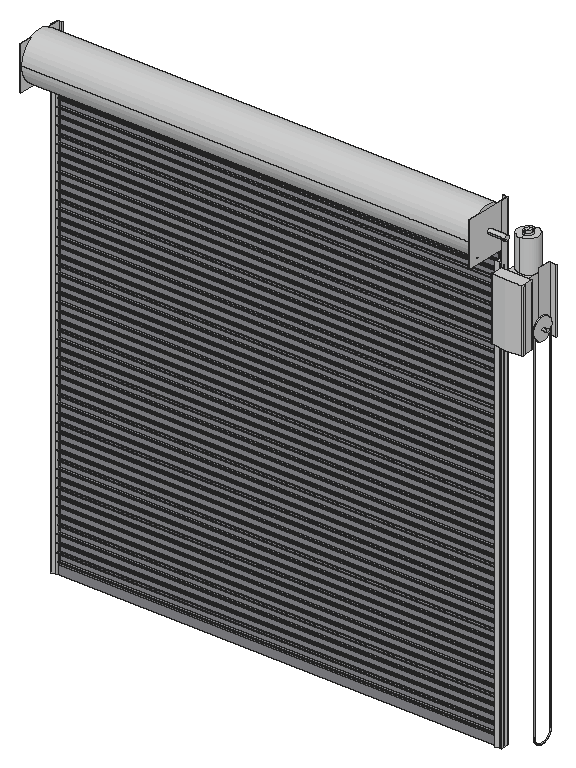
Revit family "Rolling-Steel-Service-Doors_OHD_Model-600_compact", category Specialty Equipment, host Wall, Revit 2023
Family settings
  Host = Wall
  Round Connector Dimension = Use Diameter
  Part Type = Normal
  OmniClass Number = 23.30.10.21.34
  OmniClass Title = Industrial Doors
  Enable Cutting in Views = No
  Always vertical = Yes
  Cut with Voids When Loaded = Yes
  Maintain Annotation Orientation = No
  Shared = No
  Room Calculation Point = No
Parameters (values of type "115 volts, one phase, 60 Hz (110-120V range)")
  Width [instance] = Opening Width + 1/2"  # 120 1/2"
  Voltage = 115 V
  Version = "1.00.01"  # constant formula
  True Opening Width [instance] = Clear Width  # 120"
  True Opening Height [instance] = Clear Height  # 120"
  Slat Material [instance] = Steel - Overhead Door - Gray
  Opening Width [instance] = 120"
  Opening Height [instance] = 120"
  No Hood [instance] = not(Optional Hood)  # yes
  Slat Length [instance] = [Door Width (Real)] + 1/4" * 2 + 3/16" * 2  # 121 3/8"
  Slat Height = 2 1/4"  # constant formula
  Product Page URL = "https://www.overheaddoor.com/rolling-steel-service-doors-600"
  Power Factor = 1
  Powder Coat (Note) = "PowderGuard® Premium powder coat finish options are available in approximately 200 colors as well as custom matching to specification. PowderGuard® Textured finish, a thicker, more scratch resistant coat, is available in 11 colors providing enhanced scratch resistance as well as aiding in hiding the dirt and blemishes that often occur in commercial environments.​"  # constant formula
  Optional Hood [instance] = if(Hood Option > 1, 1 = 1, 1 = 2)  # no
  Opening Width (Real) [instance] = [Door Width (Real)] - 1/2"  # 120"
  Opening Height (Real) [instance] = [Door Height (Real)] - 3"  # 120"
  Number of Poles = 1
  Motor Type [instance] = if([Motor Option (Real)] < 2, "CDX Electric Operator", if([Motor Option (Real)] = 2, "RHX Wall Mount", if([Motor Option (Real)] = 3, "RSX Wall Mount", "RMX Wall Mount")))  # "RHX Wall Mount"
  Motor Option (Real) [instance] = if(Hood Option < 2, if(Motor Option < 2, 2, if(Motor Option = 2, 3, if(Motor Option = 3, 4, 4))), Motor Option)  # 2
  Motor Option [instance] = 1
  Hood Type [instance] = if(Hood Option < 2, "No Hood", "With Hood")  # "No Hood"
  Hood Option [instance] = 1
  Hood Material = Steel - Overhead Door - Gray
  Hood Height [instance] = Headroom Height - 3"  # 12"
  Height [instance] = Opening Height + 3"  # 123"
  Headroom Height [instance] = if(Optional Hood, 18", if(or([Opening Height (Real)] < 132", [Opening Height (Real)] = 132"), 15", if(or([Opening Height (Real)] = 192", [Opening Height (Real)] < 192"), 18", 18")))  # 15"
  Guide Type [instance] = if(or(Guide Option < 1, Guide Option = 1), "Rolled E Guide", "Rolled Z Guide")  # "Rolled E Guide"
  Guide Option [instance] = 1
  Guid Depth [instance] = 2 1/2"  # constant formula
  Frequency = 60 Hz
  Face of Wall Offset [instance] = 2 1/2"  # constant formula
  EO and Chain Hoist = yes
  Door Width (Real) [instance] = if(Width > Max Door Width, Max Door Width, if(Width < Min Door Width, Min Door Width, Width))  # 120 1/2"
  Door Height (Real) [instance] = if(Height > Max Door Height, Max Door Height, if(Height < Min Door Height, Min Door Height, Height))  # 123"
  URL = "https://www.overheaddoor.com/"
  Product data url = "https://www.bimobject.com/overhead-door/product/rolling-steel-service-doors-600"
  Product Guid = "6300f0ea-1663-4e86-aab6-accd1bc8ccd1"
  Model = "600"  # constant formula
  Min Door Width [instance] = 40"  # constant formula
  Min Door Height [instance] = 36"  # constant formula
  Max Door Width [instance] = 192"  # constant formula
  Max Door Height [instance] = 192"  # constant formula
  Manufacturer = "Overhead Door Corporation"  # constant formula
  Wall Closure = By host
  Floor To (CL) of Shaft [instance] = if(Optional Hood, [Opening Height (Real)] + (Headroom Height - 3") / 2 + 3", [Opening Height (Real)] + (Headroom Height - 3") / 2 + 3 1/2")  # 129 1/2"
  Finish Material = Metal - Overhead Door - Galvanized Steel
  Description = "Coil-Away light duty rolling steel service door."  # constant formula
  Electric Operator = yes
  Default Elevation = 0"
  Date Updated = "2026/05/29"  # constant formula
  Current = 20 A
  Connector Description = "Rapidflex Large Control Panel"  # constant formula
  Connector Array Distance = 0"  # constant formula
  Connector Array = if(Electric Operator, 3, 2)  # 3
  Clear Width [instance] = [Door Width (Real)] - 1/2"  # 120"
  Clear Height [instance] = [Door Height (Real)] - 3"  # 120"
  BimObject_Variable_Connectors = "No"  # constant formula
  Backroom Depth Real [instance] = if(Optional Hood, 15", if(or([Opening Height (Real)] < 132", [Opening Height (Real)] = 132"), 13", if(or([Opening Height (Real)] = 192", [Opening Height (Real)] < 192"), 15", 15")))  # 13"
  Backroom Depth [instance] = if(and(Hood Option > 1, [Motor Option (Real)] < 2), Backroom Depth Real + 13 1/2", Backroom Depth Real)  # 13"
  Array Length [instance] = (Array) * Slat Height + 2 3/4" + 3" - 1/2"  # 126 3/4"
  Array [instance] = rounddown([Door Height (Real)] / Slat Height)  # 54
  Area [instance] = [Door Width (Real)] * [Door Height (Real)]  # 102.927 SF
  Apparent Load Phase 1 = if(Number of Poles = 1, Voltage * Current, (Voltage * Current * sqrt(3)) / 3)  # 2300 VA
Types (5): name | Voltage | Frequency | EO and Chain Hoist | Electric Operator | Current | Connector Array | Apparent Load Phase 1
  115 volts, one phase, 60 Hz (110-120V range) | 115 V | 60 Hz | yes | yes | 20 A | 3 | 2300 VA
  208 volts, one phase, 60 Hz (190-207V range) | 208 V | 60 Hz | yes | yes | 20 A | 3 | 4160 VA
  230 volts, one phase, 60 Hz (208-245V range) | 230 V | 60 Hz | yes | yes | 20 A | 3 | 4600 VA
  Chain Hoist | 0 V | 0 Hz | yes | no | 0 A | 2 | 0 VA
  Manual push-up | 0 V | 0 Hz | no | no | 0 A | 2 | 0 VA
Reference planes (in)
  plane 1 "Center (Front/Back)": y = 0
  plane 2 "Center (Left/Right)": x = 0
  plane 3 "Left": x = -60.25
  plane 4 "Right": x = 60.25
  plane 5 "Exterior": y = 1.5
  plane 6 "Interior": y = -4.5
  plane 7: x = 60
  plane 8: x = -60
  plane 9: z = 120
  plane 10: z = 135
  plane 11 "Main": y = -6.59375
  plane 12: y = -17.5
  plane 13 "Main Door Block": y = -4.5
  plane 14 "Bottom Bar": z = 2.75
  plane 15: y = -7
  plane 16: x = -58.62332
  plane 17: x = -58.62332
  plane 18: x = 58.62332
  plane 19: z = 126.75
  plane 20: z = 129.5
  plane 21: x = 61.9375
Forms (in)
  Extrusion 1, void
    sketch origin (0, -4.5, 0) x (0, 0, -1) y (-1, 0, 0)
      loop
        line (-120, 60) -> (-120, -60) -> (0, -60) -> (0, 60) -> (-120, 60)
    from 0 to 6
Text (in)
  text "Exterior" at (-74.96733, 27.31104, 0), in view "Ref. Level"
  text "Interior" at (-74.96733, -25.14366, 0), in view "Ref. Level"
  text "Exterior" at (0, 40.15149, 123.01588), in view "Right"
  text "Interior" at (0, -64.39139, 123.01588), in view "Right"
  text "Interior" at (0, -31.01599, 123.00693), in view "Left"
  text "Exterior" at (0, 54.57065, 123.00693), in view "Left"
Dimensions and locks (in)
  equal spacing: plane 3 "Left", plane 2 "Center (Left/Right)", plane 4 "Right"
  "Door Width (Real)": plane 3 "Left" to plane 4 "Right"
  level to host wall = 459.59655"
  "Opening Height (Real)": level to plane 9
  plane 8 to plane 2 "Center (Left/Right)" to plane 7 = 60", 60"
  plane 7 to plane 8 = 120"
  locked: plane 1 "Center (Front/Back)" to plane 6 "Interior" at 4.5
  locked: plane 5 "Exterior" to plane 1 "Center (Front/Back)" at 1.5
  equal spacing: plane 7, plane 2 "Center (Left/Right)", plane 8
  locked: plane 14 "Bottom Bar" to level at 2.75
  "Opening Width (Real)": plane 7 to plane 8
  equal spacing: group 1, group 3, group 4, group 5, group 6, group 7, group 8, group 9, group 10, group 11, group 12, group 13, group 14, group 15, group 16, group 17, group 18, group 19, group 20, group 21, group 22, group 23, group 24, group 25, group 26, group 27, group 28, group 29, group 30, group 31, group 32, group 33, group 34, group 35, group 36, group 37, group 38, group 39, group 40, group 41, group 42, group 43, group 44, group 45, group 46, group 47, group 48, group 49, group 50, group 51, group 52, group 53, group 54, group 2  (x3)
  "Face of Wall Offset": plane 15 to plane 6 "Interior"
  "Guid Depth": plane 15 to plane 13 "Main Door Block"
  locked: plane 15 to plane 11 "Main" at 0.40625
  locked: plane 17 to plane 8 at 1.37668
  locked: plane 17 to plane 16
  locked: plane 7 to plane 18 at 1.37668
  "Array Length": plane 19 to level
  "Headroom Height": plane 10 to plane 9
  "Floor To (CL) of Shaft": plane 20 to level
  "Backroom Depth": plane 12 to plane 6 "Interior"
  locked: plane 7 to plane 21 at 1.9375
  aligned and locked: plane 5 "Exterior" to host wall
  aligned and locked: host wall to plane 6 "Interior"
  aligned and locked: plane 2 "Center (Left/Right)" to nested 1
  aligned and locked: plane 14 "Bottom Bar" to nested 1  (x2)
  aligned and locked: nested 1 to plane 11 "Main"
  aligned and locked: nested 2 to plane 11 "Main"
  aligned and locked: plane 2 "Center (Left/Right)" to nested 2
  aligned and locked: Extrusion 1 sketch curve to plane 7
  aligned and locked: level to Extrusion 1 sketch curve
  aligned and locked: plane 9 to Extrusion 1 sketch curve
  aligned and locked: Extrusion 1 to plane 5 "Exterior"
  aligned and locked: plane 6 "Interior" to Extrusion 1
  aligned and locked: plane 2 "Center (Left/Right)" to nested 42
  aligned and locked: plane 13 "Main Door Block" to nested 42
  aligned and locked: nested 42 to level
  aligned and locked: plane 19 to nested 2
  aligned and locked: nested 56 to plane 13 "Main Door Block"
  aligned and locked: plane 10 to nested 56
  aligned and locked: plane 21 to nested 56
Automatic sketch dimensions
  Extrusion 1 sketch curve to plane 8 = 0"
Nested families (in)
  nested 1: "Slat" at (0, -6.59375, 2.75), type "Slat"
    with Opening Width 121 3/8"
  nested 2: "Slat" at (0, -6.59375, 124.125), type "Slat"
    with Opening Width 121 3/8"
  nested 3: "Slat" at (0, -6.59375, 5.04009), type "Slat"
    with Opening Width 121 3/8"
  nested 4: "Slat" at (0, -6.59375, 7.33019), type "Slat"
    with Opening Width 121 3/8"
  nested 5: "Slat" at (0, -6.59375, 9.62028), type "Slat"
    with Opening Width 121 3/8"
  nested 6: "Slat" at (0, -6.59375, 11.91038), type "Slat"
    with Opening Width 121 3/8"
  nested 7: "Slat" at (0, -6.59375, 14.20047), type "Slat"
    with Opening Width 121 3/8"
  nested 8: "Slat" at (0, -6.59375, 16.49057), type "Slat"
    with Opening Width 121 3/8"
  nested 9: "Slat" at (0, -6.59375, 18.78066), type "Slat"
    with Opening Width 121 3/8"
  nested 10: "Slat" at (0, -6.59375, 21.07075), type "Slat"
    with Opening Width 121 3/8"
  nested 11: "Slat" at (0, -6.59375, 23.36085), type "Slat"
    with Opening Width 121 3/8"
  nested 12: "Slat" at (0, -6.59375, 25.65094), type "Slat"
    with Opening Width 121 3/8"
  nested 13: "Slat" at (0, -6.59375, 27.94104), type "Slat"
    with Opening Width 121 3/8"
  nested 14: "Slat" at (0, -6.59375, 30.23113), type "Slat"
    with Opening Width 121 3/8"
  nested 15: "Slat" at (0, -6.59375, 32.52123), type "Slat"
    with Opening Width 121 3/8"
  nested 16: "Slat" at (0, -6.59375, 34.81132), type "Slat"
    with Opening Width 121 3/8"
  nested 17: "Slat" at (0, -6.59375, 37.10142), type "Slat"
    with Opening Width 121 3/8"
  nested 18: "Slat" at (0, -6.59375, 39.39151), type "Slat"
    with Opening Width 121 3/8"
  nested 19: "Slat" at (0, -6.59375, 41.6816), type "Slat"
    with Opening Width 121 3/8"
  nested 20: "Slat" at (0, -6.59375, 43.9717), type "Slat"
    with Opening Width 121 3/8"
  nested 21: "Slat" at (0, -6.59375, 46.26179), type "Slat"
    with Opening Width 121 3/8"
  nested 22: "Slat" at (0, -6.59375, 48.55189), type "Slat"
    with Opening Width 121 3/8"
  nested 23: "Slat" at (0, -6.59375, 50.84198), type "Slat"
    with Opening Width 121 3/8"
  nested 24: "Slat" at (0, -6.59375, 53.13208), type "Slat"
    with Opening Width 121 3/8"
  nested 25: "Slat" at (0, -6.59375, 55.42217), type "Slat"
    with Opening Width 121 3/8"
  nested 26: "Slat" at (0, -6.59375, 57.71226), type "Slat"
    with Opening Width 121 3/8"
  nested 27: "Slat" at (0, -6.59375, 60.00236), type "Slat"
    with Opening Width 121 3/8"
  nested 28: "Slat" at (0, -6.59375, 62.29245), type "Slat"
    with Opening Width 121 3/8"
  nested 29: "Slat" at (0, -6.59375, 64.58255), type "Slat"
    with Opening Width 121 3/8"
  nested 30: "Slat" at (0, -6.59375, 66.87264), type "Slat"
    with Opening Width 121 3/8"
  nested 31: "Slat" at (0, -6.59375, 69.16274), type "Slat"
    with Opening Width 121 3/8"
  nested 32: "Slat" at (0, -6.59375, 71.45283), type "Slat"
    with Opening Width 121 3/8"
  nested 33: "Slat" at (0, -6.59375, 73.74292), type "Slat"
    with Opening Width 121 3/8"
  nested 34: "Slat" at (0, -6.59375, 76.03302), type "Slat"
    with Opening Width 121 3/8"
  nested 35: "Slat" at (0, -6.59375, 78.32311), type "Slat"
    with Opening Width 121 3/8"
  nested 36: "Slat" at (0, -6.59375, 80.61321), type "Slat"
    with Opening Width 121 3/8"
  nested 37: "Slat" at (0, -6.59375, 82.9033), type "Slat"
    with Opening Width 121 3/8"
  nested 38: "Slat" at (0, -6.59375, 85.1934), type "Slat"
    with Opening Width 121 3/8"
  nested 39: "Slat" at (0, -6.59375, 87.48349), type "Slat"
    with Opening Width 121 3/8"
  nested 40: "Slat" at (0, -6.59375, 89.77358), type "Slat"
    with Opening Width 121 3/8"
  nested 41: "Slat" at (0, -6.59375, 92.06368), type "Slat"
    with Opening Width 121 3/8"
  nested 42: "Lifts" at (0, -4.5, 0) x (-1, 0, 0) z (0, 0, 1), type "Frame Unit"
    with Floor To (CL) of Shaft 129 1/2"
  nested 43: "Slat" at (0, -6.59375, 94.35377), type "Slat"
    with Opening Width 121 3/8"
  nested 44: "Slat" at (0, -6.59375, 96.64387), type "Slat"
    with Opening Width 121 3/8"
  nested 45: "Slat" at (0, -6.59375, 98.93396), type "Slat"
    with Opening Width 121 3/8"
  nested 46: "Slat" at (0, -6.59375, 101.22406), type "Slat"
    with Opening Width 121 3/8"
  nested 47: "Slat" at (0, -6.59375, 103.51415), type "Slat"
    with Opening Width 121 3/8"
  nested 48: "Slat" at (0, -6.59375, 105.80425), type "Slat"
    with Opening Width 121 3/8"
  nested 49: "Slat" at (0, -6.59375, 108.09434), type "Slat"
    with Opening Width 121 3/8"
  nested 50: "Slat" at (0, -6.59375, 110.38443), type "Slat"
    with Opening Width 121 3/8"
  nested 51: "Slat" at (0, -6.59375, 112.67453), type "Slat"
    with Opening Width 121 3/8"
  nested 52: "Slat" at (0, -6.59375, 114.96462), type "Slat"
    with Opening Width 121 3/8"
  nested 53: "Slat" at (0, -6.59375, 117.25472), type "Slat"
    with Opening Width 121 3/8"
  nested 54: "Slat" at (0, -6.59375, 119.54481), type "Slat"
    with Opening Width 121 3/8"
  nested 55: "Slat" at (0, -6.59375, 121.83491), type "Slat"
    with Opening Width 121 3/8"
  nested 56: "Motors 600" at (70.3675, -9.58, 102.97), Motor Option <- "Motor Option (Real)", EO <- "Electric Operator", Optional Hood <- "Optional Hood", visible <- "EO and Chain Hoist", type "Trolley Motor"
    with Wall Mount RSX no, Wall Mount RMX no, Wall Mount RHX yes, Vertical Mount 32.03", Top Option Offset 0", Real Exterior Wall Offset 0", Optional Hood no, Motor Type "RHX Operator", Motor Option 2, Horizontal Mount 5.08", Hood Width Real 0", Hood Mount 13.43", Exterior Wall Offset 0", Elavation 0", EO yes, Displacement 0", Countertop Height 0", Connector Position 10.57", Connector Offset 0", Connector Length 2.99", Connector Angle 90.00°, Chain V Offset 6.53", Chain Hoist Real yes, Chain Hoist no, Chain H Offset 0", Chain yes, CL Shaft to Countertop 109 1/2", CDX Operator no, CDX Offset 1.19497", BJ yes, Angle 180.00°
Connectors (in)
  electrical at (73.3575, -9.58, 113.54), driven by "Number of Poles", driven by "Apparent Load Phase 1", driven by "Power Factor", driven by "Voltage"
    settings: on nested 56, index 1, voltage 115 V, apparent load 0 VA, apparent load phase1 2300 VA, apparent load phase2 0 VA, apparent load phase3 0 VA, power factor 1, load classification "Other", number of poles 1, system type 31, power factor state 1, is connector primary yes, connector utility no, sub classification motor no, connector description "Electrical Connector"
Definition of nested family "Slat"
  Parameters (values of type "Slat")
    Opening Width = 114 7/8"
    Interior Panel Material = none
    Exterior Panel Material = none
    Default Elevation = 48"
  Reference planes (in)
    plane 1 "Center (Front/Back)": y = 0
    plane 2: z = 0
    plane 3 "Center (Left/Right)": x = 0
    plane 4: z = 2.625
    plane 5: x = -57.4375
    plane 6: x = 57.4375
    plane 7: y = 0.5625
    plane 8: y = 0
    plane 9: z = 0
  Forms (in)
    Extrusion 1, solid, material <- "Exterior Panel Material"
      sketch origin (0, 0, 0) x (0, 1, 0) y (0, 0, 1)
        loop
          arc (0.15607, 2.41178) -> (0.25948, 2.52951) -> (0.13525, 2.625) r 0.10735
          arc (0.13525, 2.625) -> (0.00315, 2.49746) -> (0.07586, 2.32885) r 0.16141
          line (0.07586, 2.32885) -> (0.29883, 2.18949)
          arc (0.29883, 2.18949) -> (0.45088, 2.02925) -> (0.50618, 1.81538) r 0.44117
          line (0.50618, 1.81538) -> (0.50618, 0.48257)
          arc (0.50618, 0.48257) -> (0.42803, 0.29214) -> (0.30529, 0.12689) r 0.82752
          arc (0.30529, 0.12689) -> (0.24212, 0.10735) -> (0.20045, 0.1587) r 0.05902
          arc (0.20045, 0.1587) -> (0.0643, 0.24368) -> (0.02041, 0.0893) r 0.10042
          arc (0.02041, 0.0893) -> (0.09088, 0.02385) -> (0.18406, 0) r 0.19519
          arc (0.18406, 0) -> (0.27731, 0.02355) -> (0.348, 0.08877) r 0.19519
          arc (0.348, 0.08877) -> (0.47937, 0.26821) -> (0.5625, 0.47449) r 0.89597
          line (0.5625, 0.47449) -> (0.5625, 1.81538)
          arc (0.5625, 1.81538) -> (0.50014, 2.05655) -> (0.32868, 2.23725) r 0.49749
          line (0.32868, 2.23725) -> (0.14758, 2.35044)
          arc (0.14758, 2.35044) -> (0.13195, 2.38386) -> (0.15607, 2.41178) r 0.03393
      from -57.4375 to 57.4375
  Dimensions and locks (in)
    locked: plane 4 to plane 2 at 2.625
    equal spacing: plane 5, plane 3 "Center (Left/Right)", plane 6
    "Opening Width": plane 5 to plane 6
    locked: plane 1 "Center (Front/Back)" to plane 7 at 0.5625
    aligned and locked: plane 2 to level
    aligned and locked: plane 5 to Extrusion 1
    aligned and locked: plane 6 to Extrusion 1
    aligned and locked: plane 1 "Center (Front/Back)" to plane 8
    aligned and locked: level to plane 9
  Automatic sketch dimensions
    Extrusion 1 sketch curve to Extrusion 1 sketch curve = 0"  (x5)
    Extrusion 1 sketch curve to plane 4 = 0"  (x2)
    Extrusion 1 sketch curve to plane 7 = 0"
    plane 7 to Extrusion 1 sketch curve = 0.05632"
    plane 7 to Extrusion 1 sketch curve = 0.23382"
    Extrusion 1 sketch curve to Extrusion 1 sketch curve = 0.02985"
    Extrusion 1 sketch curve to plane 1 "Center (Front/Back)" = 0.25925"
    Extrusion 1 sketch curve to Extrusion 1 sketch curve = 0.07488"
    Extrusion 1 sketch curve to plane 1 "Center (Front/Back)" = 0.16556"
    Extrusion 1 sketch curve to Extrusion 1 sketch curve = 0.00415"
    Extrusion 1 sketch curve to Extrusion 1 sketch curve = 0.00876"
    Extrusion 1 sketch curve to Extrusion 1 sketch curve = 0.01798"
    Extrusion 1 sketch curve to Extrusion 1 sketch curve = 0.08396"
    Extrusion 1 sketch curve to Extrusion 1 sketch curve = 0.07171"
    Extrusion 1 sketch curve to plane 1 "Center (Front/Back)" = 0.06501"
    plane 1 "Center (Front/Back)" to Extrusion 1 sketch curve = 0.29251"
    Extrusion 1 sketch curve to Extrusion 1 sketch curve = 0.01115"
    level to Extrusion 1 sketch curve = 0.14998"
    Extrusion 1 sketch curve to Extrusion 1 sketch curve = 0.01385"
    Extrusion 1 sketch curve to Extrusion 1 sketch curve = 0.03136"
    Extrusion 1 sketch curve to Extrusion 1 sketch curve = 0.31066"
    Extrusion 1 sketch curve to Extrusion 1 sketch curve = 0.00809"
    Extrusion 1 sketch curve to Extrusion 1 sketch curve = 0.00455"
    Extrusion 1 sketch curve to plane 4 = 0.80962"
    Extrusion 1 sketch curve to Extrusion 1 sketch curve = 0.13935"
    Extrusion 1 sketch curve to Extrusion 1 sketch curve = 0.02159"
    Extrusion 1 sketch curve to Extrusion 1 sketch curve = 0.08651"
    level to Extrusion 1 sketch curve = 0.08877"
    Extrusion 1 sketch curve to Extrusion 1 sketch curve = 0.04271"
    Extrusion 1 sketch curve to level = 0"
    Extrusion 1 sketch curve to Extrusion 1 sketch curve = 0.54913"
Definition of nested family "Lifts"
  Parameters (values of type "Frame Unit")
    Z Offset = 0" + Guide Offset  # 1/4"
    Z Guide = if(Guide Option > 1, 1 = 1, 1 = 2)  # no
    Void Width = 1"  # constant formula
    Void Offset = 0"  # constant formula
    True Opening Width = Opening Width - Guid Width * 2  # 115.874"
    Standard Hood = not(Optional Hood)  # yes
    Shaft Offset = if(Standard Hood, Header Width / 2 - 1/8", Radius Hood)  # 6 3/8"
    Shaft Material = none
    Shaft Length 2 = if(Optional Hood, 7", 5")  # 5"
    Shaft Length 1 = if(Optional Hood, 10", 7")  # 7"
    Radius Hood = (Hood Height) / 2  # 6"
    Optional Hood = no
    Opening Width = 120"
    Manual = if(not(Electric Operator), if(or(Area < 120" * 120", Area = 120" * 120"), 1 = 1, 1 = 2), 1 = 2)  # no
    Interior Panel Material = none
    Hood Material = none
    Hood Height = Headroom Height - 3"  # 12"
    Headroom Height = 15"
    Header Width = 13"
    Guide Position = if(Guide Option < 2, 1 3/8", 1 5/8")  # 1 3/8"
    Guide Offset = 1/4"  # constant formula
    Guid Width = if(Guide Option < 2, 2.063", 3 3/4")  # 2.063"
    Opening Height = 120"
    Guide Type = if(or(Guide Option < 1, Guide Option = 1), "Rolled E Guide", "Rolled Z Guide")  # "Rolled E Guide"
    Guide Option = 1
    Guid Displacement = 1.688"  # constant formula
    Floor To (CL) of Shaft [instance] = if(Optional Hood, Opening Height + (Headroom Height - 3") / 2 + 3", Opening Height + (Headroom Height - 3") / 2 + 3 1/2")  # 129 1/2"
    Finish Material = none
    Face to Wall Mount = not(Between Jambs)  # yes
    F Tube = 1 = 2  # no
    Exterior Panel Material = none
    Electric Operator = yes
    E Guide Masking SJ = if(Guide Option < 2, 1 = 1, 1 = 2)  # yes
    E Guide Masking Other = 1 = 2  # no
    E Guide = not(Z Guide)  # yes
    Chain Hoist = if(not(Electric Operator), if(Area > 120" * 120", 1 = 1, 1 = 2), 1 = 2)  # no
    Between Jambs Displacement = 0"
    Between Jambs = no
    BJ Position = 0"  # constant formula
    BJ Offset = 0"  # constant formula
    Area = Opening Height * True Opening Width  # 96.5617 SF
    Analytic Construction = "<None>"
  Reference planes (in)
    plane 1 "Center (Front/Back)": y = 0
    plane 2: z = 0
    plane 3 "Center (Left/Right)": x = 0
    plane 4 "Left": x = -60
    plane 5 "Right": x = 60
    plane 6 "Opening Height": z = 120
    plane 7: x = -67
    plane 8: x = 65
    plane 9: z = 135
    plane 10: y = 13
    plane 11: x = -60.25
    plane 12: y = 2.5
    plane 13: x = 60.25
    plane 14: x = -60.25
    plane 15: x = 60.25
    plane 16 "Real Opening 2": x = -60
    plane 17 "Real Opening 1": x = 60
    plane 18: x = 60.25
    plane 19: x = -60.25
    plane 20: x = 62.063
    plane 21: x = -62.063
    plane 22: z = 123
    plane 23 "Main": y = 0
    plane 24: z = 129.5
    plane 25: y = 6.625
    plane 26: x = -61.9375
    plane 27: x = 61.9375
    plane 28: x = -61.6875
    plane 29: x = 61.6875
    plane 30: z = 136
  Forms (in)
    Extrusion 1, solid, material <- "Finish Material"
      sketch origin (0, 0, 0) x (1, 0, 0) y (0, 1, 0)
        loop
          line (-60.4375, 2.5) -> (-61.75, 2.5)
          arc (-61.75, 2.5) -> (-61.88258, 2.44508) -> (-61.9375, 2.3125) r 0.1875
          line (-61.9375, 2.3125) -> (-61.9375, 1.3125)
          arc (-61.9375, 1.3125) -> (-61.88258, 1.17992) -> (-61.75, 1.125) r 0.1875
          line (-61.75, 1.125) -> (-60.4375, 1.125)
          arc (-60.4375, 1.125) -> (-60.25, 1.3125) -> (-60.4375, 1.5) r 0.1875
          line (-60.4375, 1.5) -> (-60.6875, 1.5) -> (-60.6875, 2.125) -> (-60.4375, 2.125)
          arc (-60.4375, 2.125) -> (-60.25, 2.3125) -> (-60.4375, 2.5) r 0.1875
        loop
          arc (60.4375, 2.5) -> (60.25, 2.3125) -> (60.4375, 2.125) r 0.1875
          line (60.4375, 2.125) -> (60.6875, 2.125) -> (60.6875, 1.5) -> (60.4375, 1.5)
          arc (60.4375, 1.5) -> (60.25, 1.3125) -> (60.4375, 1.125) r 0.1875
          line (60.4375, 1.125) -> (61.75, 1.125)
          arc (61.75, 1.125) -> (61.88258, 1.17992) -> (61.9375, 1.3125) r 0.1875
          line (61.9375, 1.3125) -> (61.9375, 2.3125)
          arc (61.9375, 2.3125) -> (61.88258, 2.44508) -> (61.75, 2.5) r 0.1875
          line (61.75, 2.5) -> (60.4375, 2.5)
      from 0 to 120
    Extrusion 2, solid, material <- "Interior Panel Material"
      sketch origin (0, 0, 0) x (0, 1, 0) y (0, 0, 1)
        loop
          line (2.125, 2.75) -> (1.8125, 2.75) -> (1.5, 2.75) -> (1.5, 2.375) -> (2.125, 2.375) -> (2.125, 2.75)
      from -61.9375 to 61.9375
    Extrusion 3, solid, material <- "Interior Panel Material"
      sketch origin (0, 0, 0) x (0, 1, 0) y (0, 0, 1)
        loop
          line (2.125, 2.375) -> (1.5, 2.375) -> (1.5, 0) -> (1.6875, 0) -> (2.125, 0) -> (2.125, 2.375)
      from -61.9375 to 61.9375
    Extrusion 4, solid, material <- "Shaft Material"
      sketch origin (0, -5.35201, 0) x (0, 1, 0) y (0, 0, 1)
        loop
          circle (11.97701, 129.5) r 0.6
      from -67 to 65
    Extrusion 5, solid, material <- "Finish Material", visible <- "E Guide"
      sketch origin (0, 0, 0) x (1, 0, 0) y (0, 1, 0)
        loop
          arc (-62.063, 0.25) -> (-61.98978, 0.07322) -> (-61.813, 0) r 0.25
          line (-61.813, 0) -> (-60.688, 0) -> (-60.688, 0.125) -> (-61.813, 0.125)
          arc (-61.813, 0.125) -> (-61.90139, 0.16161) -> (-61.938, 0.25) r 0.125
          line (-61.938, 0.25) -> (-61.938, 2.3125) -> (-62.063, 2.3125) -> (-62.063, 0.25)
        loop
          line (62.063, 0.25) -> (62.063, 2.3125) -> (61.938, 2.3125) -> (61.938, 0.25)
          arc (61.938, 0.25) -> (61.90139, 0.16161) -> (61.813, 0.125) r 0.125
          line (61.813, 0.125) -> (60.688, 0.125) -> (60.688, 0) -> (61.813, 0)
          arc (61.813, 0) -> (61.98978, 0.07322) -> (62.063, 0.25) r 0.25
      from 0 to 135
    Extrusion 6, solid, material <- "Finish Material", visible <- "Z Guide"
      sketch origin (0, 0, 0) x (1, 0, 0) y (0, 1, 0)
        loop
          line (61.9375, 2.3125) -> (61.9375, 0.25)
          arc (61.9375, 0.25) -> (62.01072, 0.07322) -> (62.1875, 0) r 0.25
          line (62.1875, 0) -> (63.7505, 0) -> (63.7505, 0.125) -> (62.25196, 0.125)
          arc (62.25196, 0.125) -> (62.11799, 0.18049) -> (62.0625, 0.31446) r 0.18946
          line (62.0625, 0.31446) -> (62.0625, 2.3125) -> (61.9375, 2.3125)
        loop
          line (-61.9375, 2.3125) -> (-62.0625, 2.3125) -> (-62.0625, 0.25)
          arc (-62.0625, 0.25) -> (-62.09911, 0.16161) -> (-62.1875, 0.125) r 0.125
          line (-62.1875, 0.125) -> (-63.7505, 0.125) -> (-63.7505, 0) -> (-62.1875, 0)
          arc (-62.1875, 0) -> (-62.01072, 0.07322) -> (-61.9375, 0.25) r 0.25
          line (-61.9375, 0.25) -> (-61.9375, 2.3125)
      from 0 to 135
    Extrusion 7, solid, material <- "Hood Material", visible <- "Optional Hood"
      sketch origin (-62.063, -3.89812, 300) x (0, -1, 0) y (0, 0, 1)
        loop
          line (-4.02312, -177) -> (-4.02312, -163.5) -> (-4.89812, -163.5) -> (-4.89812, -165) -> (-10.89812, -165)
          arc (-10.89812, -165) -> (-16.89812, -171) -> (-10.89812, -177) r 6
          line (-10.89812, -177) -> (-4.02312, -177)
      from -0.3755 to -123.7505
    Extrusion 8, solid, material <- "Finish Material", visible <- "Standard Hood"
      sketch origin (0, 0, 0) x (1, 0, 0) y (0, 1, 0)
        loop
          line (-61.9375, 13) -> (-61.9375, 0.125) -> (-61.6875, 0.125) -> (-61.6875, 13) -> (-61.9375, 13)
        loop
          line (61.6875, 13) -> (61.6875, 0.125) -> (61.9375, 0.125) -> (61.9375, 13) -> (61.6875, 13)
      from 123 to 135
    Extrusion 9, solid, material <- "Shaft Material", visible <- "Standard Hood"
      sketch origin (0, 0, 0) x (0, 1, 0) y (0, 0, 1)
        loop
          circle (6.625, 129.5) r 6.375
      from -61.6875 to 61.6875
    Extrusion 10, solid, material <- "Finish Material", visible <- "Optional Hood"
      sketch origin (0, 0, 0) x (0, 1, 0) y (0, 0, 1)
        loop
          line (0.125, 135) -> (0.125, 123) -> (7, 123)
          arc (7, 123) -> (13, 129) -> (7, 135) r 6
          line (7, 135) -> (0.125, 135)
      from -61.9375 to 61.9375
    Extrusion 11, void
      sketch origin (0, 0, 0) x (0, 1, 0) y (0, 0, 1)
        loop
          line (13, 135) -> (0.125, 135) -> (0.125, 123) -> (13, 123) -> (13, 135)
      from -61.6875 to 61.6875
  Cuts and joins
    Extrusion 11 cuts Extrusion 10
  Lines and regions (in)
    Masking region 1, visible <- "E Guide Masking SJ"
      outline origin (0, 0, 0) x (1, 0, 0) y (0, 1, 0)
        loop
          line (-61.938, 0.25) -> (-61.938, 2.3125) -> (-62.063, 2.3125) -> (-62.063, 0.25)
          arc (-62.063, 0.25) -> (-61.98978, 0.07322) -> (-61.813, 0) r 0.25
          line (-61.813, 0) -> (-60.688, 0) -> (-60.688, 0.125) -> (-61.813, 0.125)
          arc (-61.813, 0.125) -> (-61.90139, 0.16161) -> (-61.938, 0.25) r 0.125
        loop
          line (62.063, 2.3125) -> (61.938, 2.3125) -> (61.938, 0.25)
          arc (61.938, 0.25) -> (61.90139, 0.16161) -> (61.813, 0.125) r 0.125
          line (61.813, 0.125) -> (60.688, 0.125) -> (60.688, 0) -> (61.813, 0)
          arc (61.813, 0) -> (61.98978, 0.07322) -> (62.063, 0.25) r 0.25
          line (62.063, 0.25) -> (62.063, 2.3125)
    Masking region 2, visible <- "Z Guide"
      outline origin (0, 0, 0) x (1, 0, 0) y (0, 1, 0)
        loop
          line (61.9375, 2.3125) -> (61.9375, 0.25)
          arc (61.9375, 0.25) -> (62.01072, 0.07322) -> (62.1875, 0) r 0.25
          line (62.1875, 0) -> (63.7505, 0) -> (63.7505, 0.125) -> (62.25196, 0.125)
          arc (62.25196, 0.125) -> (62.11799, 0.18049) -> (62.0625, 0.31446) r 0.18946
          line (62.0625, 0.31446) -> (62.0625, 2.3125) -> (61.9375, 2.3125)
        loop
          line (-62.0625, 2.3125) -> (-62.0625, 0.25)
          arc (-62.0625, 0.25) -> (-62.09911, 0.16161) -> (-62.1875, 0.125) r 0.125
          line (-62.1875, 0.125) -> (-63.7505, 0.125) -> (-63.7505, 0) -> (-62.1875, 0)
          arc (-62.1875, 0) -> (-62.01072, 0.07322) -> (-61.9375, 0.25) r 0.25
          line (-61.9375, 0.25) -> (-61.9375, 2.3125) -> (-62.0625, 2.3125)
    Masking region 3
      outline origin (0, 0, 0) x (1, 0, 0) y (0, 1, 0)
        loop
          line (65, 7.225) -> (61.9375, 7.225) -> (61.9375, 6.025) -> (65, 6.025) -> (65, 7.225)
        loop
          line (-67, 6.025) -> (-61.9375, 6.025) -> (-61.9375, 7.225) -> (-67, 7.225) -> (-67, 6.025)
    Masking region 4, visible <- "E Guide Masking Other"
      outline origin (0, 0, 0) x (1, 0, 0) y (0, 1, 0)
        loop
          line (-60.688, 0.125) -> (-61.813, 0.125)
          arc (-61.813, 0.125) -> (-61.90139, 0.16161) -> (-61.938, 0.25) r 0.125
          line (-61.938, 0.25) -> (-61.938, 2.3125) -> (-62.063, 2.3125) -> (-62.063, 0.25)
          arc (-62.063, 0.25) -> (-61.98978, 0.07322) -> (-61.813, 0) r 0.25
          line (-61.813, 0) -> (-60.688, 0) -> (-60.688, 0.125)
        loop
          line (60.688, 0) -> (61.813, 0)
          arc (61.813, 0) -> (61.98978, 0.07322) -> (62.063, 0.25) r 0.25
          line (62.063, 0.25) -> (62.063, 2.3125) -> (61.938, 2.3125) -> (61.938, 0.25)
          arc (61.938, 0.25) -> (61.90139, 0.16161) -> (61.813, 0.125) r 0.125
          line (61.813, 0.125) -> (60.688, 0.125) -> (60.688, 0)
    Masking region 5
      outline origin (0, 0, 0) x (1, 0, 0) y (0, 1, 0)
        loop
          line (-61.9375, 13) -> (-61.9375, 0.125) -> (61.9375, 0.125) -> (61.9375, 13) -> (-61.9375, 13)
    symbolic lines, visible <- "Optional Hood"
      curve 1: line (-61.6875, 1, 0) -> (61.6875, 1, 0)
    symbolic lines
      curve 2: line (61.6875, 13, 0) -> (61.6875, 0, 0)
      curve 3: line (-61.6875, 0.125, 0) -> (-61.6875, 13, 0)
  Dimensions and locks (in)
    Extrusion 2 sketch curve to level = 2 3/8"
    locked: Extrusion 2 sketch curve to level at 2.75
    locked: plane 1 "Center (Front/Back)" to Extrusion 2 sketch curve at 1.5
    locked: Extrusion 2 sketch curve to Extrusion 2 sketch curve at 0.625
    locked: Extrusion 3 sketch curve to level at 2.375
    plane 10 to plane 1 "Center (Front/Back)" = 13"
    locked: Extrusion 1 sketch curve to plane 11 at 0.1875  (x2)
    locked: plane 1 "Center (Front/Back)" to plane 12 at 2.5
    locked: plane 12 to Extrusion 1 sketch curve at 1.375  (x2)
    locked: Extrusion 1 sketch curve to plane 11 at 1.6875
    locked: Extrusion 1 sketch curve to plane 13 at 0.1875  (x2)
    locked: Extrusion 1 sketch curve to plane 13 at 1.6875
    "Z Offset": plane 14 to plane 4 "Left"
    "Guid Displacement": Extrusion 5 sketch curve to plane 14
    locked: Extrusion 5 sketch curve to Extrusion 5 sketch curve at 0.125  (x3)
    "Guid Displacement": Extrusion 5 sketch curve to plane 15
    "Z Offset": plane 5 "Right" to plane 15
    locked: Extrusion 6 sketch curve to Extrusion 6 sketch curve at 0.125  (x4)
    "BJ Offset": plane 16 "Real Opening 2" to plane 4 "Left"
    "BJ Offset": plane 5 "Right" to plane 17 "Real Opening 1"
    "Opening Width": plane 16 "Real Opening 2" to plane 17 "Real Opening 1"
    equal spacing: plane 16 "Real Opening 2", plane 3 "Center (Left/Right)", plane 17 "Real Opening 1"
    "Guide Offset": plane 5 "Right" to plane 18
    "Guide Offset": plane 19 to plane 4 "Left"
    locked: Extrusion 7 sketch curve to plane 6 "Opening Height" at 3
    "Radius Hood": Extrusion 7 sketch curve to plane 10
    "Opening Height": plane 6 "Opening Height" to level
    "Guid Width": plane 5 "Right" to plane 20
    "Guid Width": plane 21 to plane 4 "Left"
    locked: Extrusion 5 sketch curve to Extrusion 5 sketch curve at 2.1875
    "BJ Position": Extrusion 5 sketch curve to plane 1 "Center (Front/Back)"
    locked: plane 18 to Extrusion 6 sketch curve at 1.6875
    locked: Extrusion 6 sketch curve to plane 19 at 1.6875
    "Guide Position": Extrusion 5 sketch curve to Extrusion 5 sketch curve  (x2)
    locked: plane 22 to plane 6 "Opening Height" at 3
    "BJ Position": plane 23 "Main" to plane 1 "Center (Front/Back)"
    "Header Width": plane 23 "Main" to plane 10
    plane 23 "Main" to Extrusion 7 sketch curve = 1"
    locked: Extrusion 7 sketch curve to plane 9 at 1.5
    "Floor To (CL) of Shaft": plane 24 to level
    "Shaft Offset": Extrusion 4 sketch curve to plane 10
    "Shaft Length 1": plane 7 to plane 4 "Left"
    "Shaft Length 2": plane 5 "Right" to plane 8
    locked: plane 1 "Center (Front/Back)" to Extrusion 3 sketch curve at 1.5
    locked: Extrusion 3 sketch curve to Extrusion 3 sketch curve at 0.625
    "Guid Displacement": Extrusion 6 sketch curve to Extrusion 6 sketch curve  (x2)
    "Shaft Offset": plane 10 to plane 25
    locked: Masking region 3 sketch curve to Masking region 3 sketch curve at 1.2
    locked: Masking region 3 sketch curve to plane 25 at 0.6
    locked: plane 26 to plane 19 at 1.6875
    locked: plane 18 to plane 27 at 1.6875
    locked: plane 1 "Center (Front/Back)" to curve 1 at 1
    locked: Extrusion 8 sketch curve to Extrusion 8 sketch curve at 0.25  (x2)
    locked: plane 29 to plane 27 at 0.25
    locked: plane 28 to plane 16 "Real Opening 2" at 1.6875
    "Headroom Height": plane 9 to plane 6 "Opening Height"
    locked: Extrusion 8 sketch curve to plane 1 "Center (Front/Back)" at 0.125
    locked: plane 1 "Center (Front/Back)" to Masking region 5 sketch curve at 0.125
    locked: Extrusion 7 sketch curve to Extrusion 7 sketch curve at 0.875
    "Shaft Offset": plane 10 to Extrusion 9 sketch curve
    locked: plane 23 "Main" to Extrusion 10 sketch curve at 0.125
    "Radius Hood": Extrusion 10 sketch curve to plane 10
    locked: plane 23 "Main" to Extrusion 11 sketch curve at 0.125
    locked: Extrusion 1 sketch curve to Extrusion 1 sketch curve (radius 3/16")  (x4)
    radius of Extrusion 1 sketch curve = 3/16"  (x4)
    radius of Extrusion 5 sketch curve = 1/4"  (x2)
    radius of Extrusion 5 sketch curve = 1/8"  (x2)
    radius of Extrusion 6 sketch curve = 0.18946"
    radius of Extrusion 6 sketch curve = 1/4"  (x2)
    radius of Extrusion 6 sketch curve = 1/8"
    "Shaft Offset": radius of Extrusion 9 sketch curve
    aligned and locked: plane 2 to level
    aligned and locked: plane 7 to Extrusion 4
    aligned and locked: Extrusion 4 to plane 8
    aligned and locked: plane 12 to Extrusion 1 sketch curve
    aligned and locked: Extrusion 1 sketch curve to plane 12
    aligned and locked: Extrusion 5 sketch curve to Extrusion 5 sketch curve  (x3)
    aligned and locked: plane 11 to plane 19
    aligned and locked: plane 13 to plane 18
    aligned and locked: Extrusion 2 to Extrusion 3
    aligned and locked: Extrusion 3 to Extrusion 2
    aligned and locked: plane 1 "Center (Front/Back)" to Extrusion 6 sketch curve  (x2)
    aligned and locked: plane 6 "Opening Height" to Extrusion 1
    aligned and locked: plane 24 to Extrusion 4 sketch curve
    aligned and locked: plane 9 to Extrusion 6
    aligned and locked: plane 9 to Extrusion 5
    aligned and locked: Masking region 1 sketch curve to Extrusion 5  (x10)
    aligned and locked: Extrusion 2 sketch curve to Extrusion 2 sketch curve
    aligned and locked: Extrusion 3 sketch curve to Extrusion 3 sketch curve
    aligned and locked: level to Extrusion 3 sketch curve
    aligned and locked: Masking region 2 sketch curve to Extrusion 6  (x12)
    aligned and locked: plane 7 to Masking region 3 sketch curve
    aligned and locked: plane 8 to Masking region 3 sketch curve
    aligned and locked: Masking region 3 sketch curve to Masking region 3 sketch curve  (x2)
    aligned and locked: Masking region 4 sketch curve to Extrusion 5  (x2)
    aligned and locked: Extrusion 2 to plane 26
    aligned and locked: Extrusion 2 to plane 27
    aligned and locked: Masking region 3 to plane 27
    aligned and locked: plane 26 to Masking region 3
    aligned and locked: Extrusion 8 sketch curve to plane 26
    aligned and locked: Extrusion 8 sketch curve to plane 10  (x2)
    aligned and locked: Extrusion 8 sketch curve to plane 27
    aligned and locked: plane 9 to Extrusion 8
    aligned and locked: Extrusion 8 to plane 22
    aligned and locked: Masking region 5 sketch curve to plane 26
    aligned and locked: Masking region 5 sketch curve to plane 10
    aligned and locked: Masking region 5 sketch curve to plane 27
    aligned and locked: plane 1 "Center (Front/Back)" to curve 2
    aligned and locked: plane 10 to curve 2
    aligned and locked: plane 24 to Extrusion 9 sketch curve
    aligned and locked: plane 28 to Extrusion 9
    aligned and locked: plane 28 to Extrusion 7
    aligned and locked: plane 29 to curve 2
    aligned and locked: Extrusion 7 to plane 29
    aligned and locked: Extrusion 9 to plane 29
    aligned and locked: plane 28 to curve 1
    aligned and locked: plane 29 to curve 1
    aligned and locked: Extrusion 8 sketch curve to Extrusion 8 sketch curve
    aligned and locked: curve 3 to plane 28
    aligned and locked: curve 3 to Extrusion 7
    aligned and locked: plane 10 to curve 3
    aligned and locked: Extrusion 10 sketch curve to plane 9
    aligned and locked: Extrusion 10 sketch curve to plane 22
    aligned and locked: Extrusion 10 to plane 26
    aligned and locked: Extrusion 10 to plane 27
    aligned and locked: Extrusion 11 sketch curve to plane 10
    aligned and locked: Extrusion 11 sketch curve to plane 9
    aligned and locked: Extrusion 11 sketch curve to plane 22
    aligned and locked: plane 28 to Extrusion 11
    aligned and locked: Extrusion 11 to plane 29
  Automatic sketch dimensions
    Extrusion 1 sketch curve to Extrusion 1 sketch curve = 1/4"  (x2)
    Masking region 1 sketch curve to Masking region 1 sketch curve = 0"
    Extrusion 2 sketch curve to Extrusion 2 sketch curve = 5/16"
    Extrusion 3 sketch curve to Extrusion 3 sketch curve = 7/16"
    Extrusion 6 sketch curve to Extrusion 6 sketch curve = 2 1/16"
    Extrusion 6 sketch curve to Extrusion 6 sketch curve = 1.99804"
    Masking region 4 sketch curve to Masking region 4 sketch curve = 0"  (x4)
    Masking region 4 sketch curve to plane 21 = 0"
    Masking region 4 sketch curve to plane 1 "Center (Front/Back)" = 0"
    plane 1 "Center (Front/Back)" to Masking region 4 sketch curve = 0"
    Masking region 4 sketch curve to plane 20 = 0"
    Masking region 4 sketch curve to Masking region 4 sketch curve = 1/8"  (x3)
    Masking region 4 sketch curve to plane 1 "Center (Front/Back)" = 1/8"
    Masking region 4 sketch curve to Masking region 4 sketch curve = 2 1/16"  (x2)
    plane 19 to Masking region 3 sketch curve = 1 11/16"
    Masking region 3 sketch curve to plane 18 = 1 11/16"
    Extrusion 7 sketch curve to plane 9 = 0"
    radius of Extrusion 4 sketch curve = 0.6"
Definition of nested family "Motors 600"
  Parameters (values of type "Trolley Motor")
    Wall Mount RSX [instance] = if(and(EO, Motor Option = 3), 1 = 1, 1 = 2)  # no
    Wall Mount RMX [instance] = if(and(EO, Motor Option > 3), 1 = 1, 1 = 2)  # no
    Shaft Material = none
    Real Exterior Wall Offset [instance] = if(or(Wall Mount RMX, Wall Mount RSX, Wall Mount RHX), Displacement, Exterior Wall Offset)  # 2"
    Wall Mount RHX [instance] = if(and(EO, Motor Option = 2), 1 = 1, 1 = 2)  # no
    Optional Hood [instance] = yes
    Horizontal Mount [instance] = if(or(Wall Mount RMX, Wall Mount RSX, Wall Mount RHX), 5.08", if(and(EO, Motor Option < 2), 0", if(Optional Hood, Hood Width / 2, (Hood Width / 2) + 0.13")))  # 0"
    Vertical Mount [instance] = if(or(Wall Mount RMX, Wall Mount RSX, Wall Mount RHX), 20.03" + 6" + Hood Height / 2, if(Optional Hood, Hood Height, Hood Height - 1/2"))  # 12"
    Motor Type [instance] = if(Motor Option < 2, "CDX Operator", if(Motor Option = 2, "RHX Operator", if(Motor Option = 3, "RSX Operator", "RMX Operator")))  # "CDX Operator"
    Motor Option [instance] = 1
    Main Material = none
    Hood Width Real [instance] = if(CDX Operator, Hood Width, 0")  # 13"
    Hood Width = 13"
    Hood Material = none
    Hood Height = 12"
    Hood Mount [instance] = if(or(Wall Mount RHX, Wall Mount RMX), 13.43", if(Wall Mount RSX, 18.18", if(CDX Operator, 5", 5")))  # 5"
    Floor To Cl Shaft = 129 1/2"
    Top Option Offset [instance] = 0"  # constant formula
    Exterior Wall Offset [instance] = 2"
    Elavation [instance] = 0"
    EO [instance] = yes
    Displacement [instance] = 2"
    Default Elevation = 48"
    Countertop Height [instance] = 0"
    Connector Position [instance] = if(and(EO, Motor Option > 1), 10.57", Hood Height / 2)  # 6"
    Connector Offset [instance] = if(and(EO, Motor Option < 2), 3.88", if(and(EO, Motor Option > 1), 0", 2"))  # 3.88"
    Connector Length [instance] = if(and(EO, Motor Option < 2), 11 1/4", if(and(EO, Motor Option > 1), 2.99", 2"))  # 11 1/4"
    Connector Angle [instance] = if(and(EO, Motor Option < 2), 180.00°, 90.00°)  # 180.00°
    Chain V Offset [instance] = if(or(Wall Mount RMX, Wall Mount RSX, Wall Mount RHX), 6.53", Hood Height / 2)  # 6"
    Chain Hoist Real [instance] = if(EO, Chain, Chain Hoist)  # no
    Chain Hoist [instance] = not(EO)  # no
    Chain H Offset [instance] = if(or(Wall Mount RMX, Wall Mount RSX, Wall Mount RHX), 0", 0")  # 0"
    Chain [instance] = if(or(Wall Mount RSX, Wall Mount RMX, Wall Mount RHX), 1 = 1, 1 = 2)  # no
    CL Shaft to Countertop [instance] = Floor To Cl Shaft - Elavation - Countertop Height - 20"  # 109 1/2"
    CDX Operator [instance] = if(and(EO, Motor Option < 2), 1 = 1, 1 = 2)  # yes
    CDX Offset [instance] = 1.19497"
    BJ [instance] = yes
    Angle [instance] = 180.00°  # constant formula
  Reference planes (in)
    plane 1 "Center (Front/Back)": y = 0
    plane 2: z = 0
    plane 3 "Center (Left/Right)": x = 0
    plane 4: y = 0
    plane 5: y = 0
    plane 6: z = -103.5
    plane 7: z = -93.5
    plane 8: z = 6
    plane 9 "Chain Hoist": z = 6
    plane 10 "Top Of Hood": z = 12
    plane 11: y = 0
    plane 12: z = 0
    plane 13 "Hood Face": x = 0
    plane 14: x = 5
    plane 15: y = 13
    plane 16 "Wall": y = 15
    plane 17: z = 6
    plane 18: x = 5.13525
  Forms (in)
    Extrusion 1, solid, material <- "Main Material", visible <- "Chain"
      sketch origin (0, 0, 18.8898) x (1, 0, 0) y (0, 1, 0)
        loop
          line (-4.134, -2.41307) -> (4.116, -2.41307) -> (4.116, -2.29347) -> (3.108, -2.29347)
          arc (3.108, -2.29347) -> (3.02315, -2.25832) -> (2.988, -2.17347) r 0.12
          line (2.988, -2.17347) -> (2.988, 4.96193) -> (-2.988, 4.96193) -> (-2.988, -2.17347)
          arc (-2.988, -2.17347) -> (-3.02315, -2.25832) -> (-3.108, -2.29347) r 0.12
          line (-3.108, -2.29347) -> (-4.134, -2.29347) -> (-4.134, -2.41307)
      from -16.64 to 0
    Extrusion 2, solid, material <- "Main Material", visible <- "Chain"
      sketch origin (0, 0, 18.8898) x (1, 0, 0) y (0, 1, 0)
        loop
          line (-4.134, -2.41307) -> (-4.134, -5.05565) -> (-4.3324, -5.05565) -> (-4.3324, -5.3122)
          arc (-4.3324, -5.3122) -> (-4.24466, -5.55085) -> (-4.02324, -5.67585) r 0.36846
          arc (-4.02324, -5.67585) -> (0, -6.0017) -> (4.02324, -5.67585) r 25
          arc (4.02324, -5.67585) -> (4.24466, -5.55085) -> (4.3324, -5.3122) r 0.36846
          line (4.3324, -5.3122) -> (4.3324, -5.05565) -> (4.116, -5.05565) -> (4.116, -2.41307) -> (-4.134, -2.41307)
      from -17 to 0.35839
    Revolve 3, solid, material <- "Main Material", visible <- "Wall Mount RSX"
      sketch origin (2.0828, 5.66524, 0) x (0, -1, 0) y (1, 0, 0)
        loop
          line (5.66524, -9.0813) -> (5.66524, 3.1162) -> (4.82413, 3.1162) -> (4.82413, 2.7162) -> (4.39283, 2.7162) -> (4.39283, 2.4872) -> (2.44007, 2.4872) -> (2.44007, -6.6585) -> (3.79863, -6.6585) -> (3.79863, -7.51105) -> (3.89778, -7.6102) -> (5.36033, -7.6102) -> (5.36033, -7.8313) -> (4.69783, -7.8313) -> (4.69783, -9.0813) -> (5.66524, -9.0813)
        axis (5.66524, -9.0813) -> (5.66524, 3.1162)
      angle from 0 to 360
    Extrusion 4, solid, material <- "Main Material", visible <- "Chain"
      sketch origin (0, 0, 18.8898) x (1, 0, 0) y (0, 1, 0)
        loop
          line (-2.988, 5.08193) -> (-4.988, 5.08193) -> (-4.988, 4.96193) -> (-3.108, 4.96193) -> (-3.108, 1.46193) -> (-2.988, 1.46193) -> (-2.988, 5.08193)
        loop
          line (2.988, 5.08193) -> (2.988, 1.46193) -> (3.108, 1.46193) -> (3.108, 4.96193) -> (4.988, 4.96193) -> (4.988, 5.08193) -> (2.988, 5.08193)
      from -16.64 to 1.14
    Extrusion 5, solid, material <- "Main Material", visible <- "Chain Hoist Real"
      sketch origin (0, 0.00141, 3.59957) x (0, 0, 1) y (0, -1, 0)
        loop
          circle (2.40043, 0.00141) r 3
      from 5.2705 to 5
    Sweep 6, solid, material <- "Main Material", visible <- "Chain Hoist Real"
      path origin (5.13525, -3, 48) x (0, -1, 0) y (0, 0, 1)
        loop
          line (0, -42) -> (0, -141.5)
          arc (0, -141.5) -> (-3, -144.5) -> (-6, -141.5) r 3
          line (-6, -141.5) -> (-6, -42)
      profile origin (5.13525, -3, -43.75) x (-1, 0, 0) y (0, -1, 0)
        loop
          circle (0, -0.1) r 0.1
    Extrusion 7, solid, material <- "Main Material", visible <- "Chain Hoist Real"
      sketch origin (0, 0.00141, 3.59957) x (0, 0, 1) y (0, -1, 0)
        loop
          circle (2.40043, 0.00141) r 0.4
      from 6.5705 to 0
    Extrusion 8, solid, material <- "Hood Material", visible <- "CDX Operator"
      sketch origin (0, -31.90883, 6) x (0, -1, 0) y (1, 0, 0)
        loop
          line (-18.40883, -10.57318) -> (-18.40883, 2.55182) -> (-36.60883, 2.55182) -> (-36.60883, 0) -> (-29.90883, 0) -> (-29.90883, -10.57318) -> (-18.40883, -10.57318)
      from 4.88 to -4.88
    Extrusion 9, solid, not visible
      sketch origin (-3.88, -11.25, 6) x (0, 0, 1) y (-1, 0, 0)
        loop
          circle (0, 0) r 0.25
      from 0 to -1
    Revolve 10, solid, material <- "Main Material", visible <- "Wall Mount RHX"
      sketch origin (0, 0, 0) x (0, 1, 0) y (0, 0, 1)
        loop
          line (4.46693, 18.8898) -> (4.46693, 27.69819) -> (2.89193, 27.69819) -> (2.89193, 28.07819) -> (2.46193, 28.07819) -> (2.46193, 28.47819) -> (1.61193, 28.47819) -> (1.61193, 18.8898) -> (4.46693, 18.8898)
        axis (1.61193, 28.47819) -> (1.61193, 18.8898)
      angle from 0 to 360
  Lines and regions (in)
    reference lines
      curve 1: line (0, 0, 0) -> (0, 0, 18.8898)
      curve 2: line (-3.88, 0, 6) -> (-3.88, 24.92, 6)
      curve 3: line (-3.88, 0, 6) -> (-3.88, -11.25, 6)
  Dimensions and locks (in)
    Extrusion 4 sketch curve to Extrusion 4 sketch curve = 3.62"
    locked: Extrusion 4 sketch curve to Extrusion 4 sketch curve at 0.12  (x3)
    "Chain H Offset": plane 4 to plane 5
    locked: plane 7 to plane 6 at 10
    locked: Sweep 6 sketch curve to profile plane at 0
    locked: Sweep 6 sketch curve to Sweep 6 sketch curve at 6
    "CL Shaft to Countertop": plane 8 to plane 6
    "Horizontal Mount": plane 1 "Center (Front/Back)" to plane 11
    "Top Option Offset": level to plane 12
    "Chain V Offset": plane 9 "Chain Hoist" to plane 12
    equal spacing: Sweep 6 sketch curve, plane 5, Sweep 6 sketch curve
    "Vertical Mount": plane 10 "Top Of Hood" to plane 12
    locked: Extrusion 2 sketch curve to Extrusion 2 sketch curve at 8.25
    locked: Extrusion 2 sketch curve to Extrusion 2 sketch curve at 2.64258
    locked: plane 3 "Center (Left/Right)" to plane 14 at 5
    "Hood Mount": plane 13 "Hood Face" to plane 14
    "Hood Width Real": plane 11 to plane 15
    "Real Exterior Wall Offset": plane 15 to plane 16 "Wall"
    Revolve 3 sketch curve to Revolve 3 sketch curve to Revolve 3 sketch curve to Revolve 3 sketch curve to Revolve 3 sketch curve to Revolve 3 sketch curve to Revolve 3 sketch curve = 1 1/4" locked, 0.2211" locked, 0.9517" locked, 9.1457" locked, 0.229" locked, 0.4" locked
    Revolve 3 sketch curve to Revolve 3 sketch curve to Revolve 3 sketch curve to Revolve 3 sketch curve to Revolve 3 sketch curve to Revolve 3 sketch curve to Revolve 3 sketch curve to Revolve 3 sketch curve = 0.30491" locked, 0.53619" locked, 0.12631" locked, 0.305" locked, 0.49505" locked, 0.09915" locked, 1.35856" locked
    locked: Extrusion 1 sketch curve to Extrusion 1 sketch curve at 0.1196
    locked: Extrusion 1 sketch curve to Extrusion 1 sketch curve at 5.976
    equal spacing: Extrusion 1 sketch curve, curve 1, Extrusion 1 sketch curve
    locked: curve 1 to Extrusion 1 sketch curve at 2.41307
    locked: Extrusion 1 sketch curve to Extrusion 1 sketch curve at 7.375
    equal spacing: Extrusion 4 sketch curve, curve 1, Extrusion 4 sketch curve
    locked: Extrusion 4 sketch curve to curve 1 at 1.46193
    locked: Revolve 3 sketch curve to plane 3 "Center (Left/Right)" at 4.5757
    locked: Extrusion 4 sketch curve to Extrusion 4 sketch curve at 5.976
    locked: Extrusion 4 sketch curve to Extrusion 4 sketch curve at 2
    locked: Extrusion 4 sketch curve to Extrusion 4 sketch curve at 1.88
    locked: Extrusion 1 sketch curve to Extrusion 1 sketch curve at 1.128
    locked: Extrusion 1 sketch curve to Extrusion 1 sketch curve at 1.146
    locked: curve 1 to Extrusion 2 sketch curve at 2.41307
    locked: Extrusion 8 sketch curve to Extrusion 8 sketch curve at 13.125
    locked: Extrusion 8 sketch curve to Extrusion 8 sketch curve at 2.55182
    locked: Extrusion 8 sketch curve to Extrusion 8 sketch curve at 18.2
    locked: curve 1 to Extrusion 8 sketch curve
    locked: curve 1 to Extrusion 8 sketch curve at 13.5
    locked: Extrusion 8 sketch curve to curve 1 at 2
    "Connector Offset": curve 2 to plane 3 "Center (Left/Right)"
    "Connector Length": curve 3 to curve 3
    "Connector Position": plane 17 to level
    locked: Sweep 6 sketch curve to profile plane at 0.1
    Revolve 10 sketch curve to Revolve 10 sketch curve to Revolve 10 sketch curve to Revolve 10 sketch curve = 8.80839" locked, 0.38" locked, 0.4" locked
    Revolve 10 sketch curve to Revolve 10 sketch curve to Revolve 10 sketch curve to Revolve 10 sketch curve = 0.85" locked, 0.43" locked, 1.575" locked
    locked: curve 1 to Revolve 10 sketch curve at 18.8898
    radius of Extrusion 5 sketch curve = 3"
    radius of Sweep 6 sketch curve = 3"
    radius of Sweep 6 sketch curve = 0.1"
    radius of Extrusion 7 sketch curve = 0.4"
    radius of Extrusion 2 sketch curve = 0.36846"  (x2)
    radius of Extrusion 1 sketch curve = 0.12"  (x2)
    radius of Extrusion 2 sketch curve = 25"
    "Angle": angle curve 1 to plane 1 "Center (Front/Back)"
    angle Extrusion 2 sketch curve to Extrusion 2 sketch curve = 90.00°
    locked: Extrusion 2 sketch curve to Extrusion 2 sketch curve (angle 90.00°)
    "Connector Angle": angle curve 3 to curve 2
    aligned and locked: plane 2 to level
    aligned and locked: Revolve 3 sketch curve to Revolve 3 sketch curve
    aligned and locked: plane 1 "Center (Front/Back)" to curve 1
    aligned and locked: level to curve 1
    aligned and locked: plane 1 "Center (Front/Back)" to plane 4
    aligned and locked: Extrusion 4 sketch curve to Extrusion 4 sketch curve  (x3)
    aligned and locked: plane 7 to Sweep 6 sketch curve  (x2)
    aligned and locked: plane 8 to Sweep 6 sketch curve  (x2)
    aligned and locked: plane 5 to Extrusion 5 sketch curve
    aligned and locked: plane 9 "Chain Hoist" to Extrusion 5 sketch curve
    aligned and locked: plane 5 to Extrusion 7 sketch curve
    aligned and locked: plane 9 "Chain Hoist" to Extrusion 7 sketch curve
    aligned and locked: plane 8 to plane 9 "Chain Hoist"
    aligned and locked: Extrusion 2 sketch curve to Extrusion 2 sketch curve
    aligned and locked: Extrusion 1 sketch curve to Extrusion 1 sketch curve
    aligned and locked: plane 1 "Center (Front/Back)" to curve 3
    aligned and locked: curve 3 to curve 2
  Automatic sketch dimensions
    plane 1 "Center (Front/Back)" to Revolve 3 sketch curve = 0"
    Revolve 3 sketch curve to Revolve 3 sketch curve = 0.09915"
    Revolve 3 sketch curve to Revolve 3 sketch curve = 4.7892"
    Revolve 3 sketch curve to plane 14 = 1.9628"
    Extrusion 2 sketch curve to plane 3 "Center (Left/Right)" = 0"
    Extrusion 2 sketch curve to Extrusion 2 sketch curve = 0.1984"
    Extrusion 2 sketch curve to Extrusion 2 sketch curve = 0.15206"
    Extrusion 2 sketch curve to Extrusion 2 sketch curve = 0.25654"
    Extrusion 2 sketch curve to Extrusion 2 sketch curve = 0"  (x2)
    Extrusion 2 sketch curve to Extrusion 2 sketch curve = 0.0593"
    Extrusion 9 sketch curve to plane 17 = 0"
    plane 1 "Center (Front/Back)" to curve 2 = 0"
    curve 2 to plane 16 "Wall" = 9.92"
    Revolve 10 sketch curve to plane 1 "Center (Front/Back)" = 1.61193"  (x2)
    plane 10 "Top Of Hood" to Revolve 10 sketch curve = 2.72319"
    Revolve 10 sketch curve to Revolve 10 sketch curve = 0"
    Extrusion 9 sketch curve to plane 3 "Center (Left/Right)" = 3.88"
    radius of Extrusion 9 sketch curve = 1/4"
  Nested families (in)
    nested 1: "2D_NotScalableMain_29e791da-3db9-4234-ab15-44456784202b" at (0, 0, 18.8898), type "Default"
      with CDX yes
  Definition of nested family "2D_NotScalableMain_29e791da-3db9-4234-ab15-44456784202b"
    Parameters (values of type "Default")
      Wall Mount = no
      RSX = no
      RHX = no
      Chain Hoist = no
      CDX = no
    Reference planes (in)
      plane 1 "Center (Front/Back)": y = 0
      plane 2: z = 0
      plane 3 "Center (Left/Right)": x = 0
    Lines and regions (in)
      Masking region 1, in view "Ref. Level", visible <- "Wall Mount"
        outline origin (0, 0, 0) x (1, 0, 0) y (0, 1, 0)
          loop
            line (-4.988, 4.96193) -> (-3.108, 4.96193) -> (-3.108, 1.46193) -> (-2.988, 1.46193) -> (-2.988, -2.17347)
            arc (-2.988, -2.17347) -> (-3.02315, -2.25832) -> (-3.108, -2.29347) r 0.12
            line (-3.108, -2.29347) -> (-4.134, -2.29347) -> (-4.134, -2.41307) -> (-4.134, -5.05565) -> (-4.3324, -5.05565) -> (-4.3324, -5.3122)
            arc (-4.3324, -5.3122) -> (-4.24466, -5.55085) -> (-4.02324, -5.67585) r 0.36846
            arc (-4.02324, -5.67585) -> (0, -6.0017) -> (4.02324, -5.67585) r 25
            arc (4.02324, -5.67585) -> (4.24466, -5.55085) -> (4.3324, -5.3122) r 0.36846
            line (4.3324, -5.3122) -> (4.3324, -5.05565) -> (4.116, -5.05565) -> (4.116, -2.41307) -> (4.116, -2.29347) -> (3.108, -2.29347)
            arc (3.108, -2.29347) -> (3.02315, -2.25832) -> (2.988, -2.17347) r 0.12
            line (2.988, -2.17347) -> (2.988, -0.4) -> (5, -0.4) -> (5, -3) -> (5.2705, -3) -> (5.2705, -0.4) -> (6.5705, -0.4) -> (6.5705, 0.4) -> (5.2705, 0.4) -> (5.2705, 3) -> (5, 3) -> (5, 0.4) -> (2.988, 0.4) -> (2.988, 1.46193) -> (3.108, 1.46193) -> (3.108, 4.96193) -> (4.988, 4.96193) -> (4.988, 5.08193) -> (2.988, 5.08193) -> (2.988, 4.96193) -> (-2.988, 4.96193) -> (-2.988, 5.08193) -> (-4.988, 5.08193) -> (-4.988, 4.96193)
      Masking region 2, in view "Ref. Level", visible <- "RSX"
        outline origin (0, 0, 0) x (1, 0, 0) y (0, 1, 0)
          loop
            line (-6.9985, -0.96741) -> (-5.7485, -0.96741) -> (-5.7485, -0.30491) -> (-5.5274, -0.30491) -> (-5.5274, -1.76746) -> (-5.42825, -1.86661) -> (-4.5757, -1.86661) -> (-4.5757, -3.22517) -> (-4.134, -3.22517) -> (-4.134, -2.29347) -> (-3.108, -2.29347)
            arc (-3.108, -2.29347) -> (-3.02315, -2.25832) -> (-2.988, -2.17347) r 0.12
            line (-2.988, -2.17347) -> (-2.988, 1.46193) -> (-3.108, 1.46193) -> (-3.108, 3.22517) -> (-4.5757, 3.22517) -> (-4.5757, 1.86661) -> (-5.42825, 1.86661) -> (-5.5274, 1.76746) -> (-5.5274, 0.30491) -> (-5.7485, 0.30491) -> (-5.7485, 0.96741) -> (-6.9985, 0.96741) -> (-6.9985, -0.96741)
          loop
            line (3.108, 3.21193) -> (3.108, 1.46193) -> (2.988, 1.46193) -> (2.988, 0.4) -> (5, 0.4) -> (5, 0.84111) -> (4.799, 0.84111) -> (4.799, 1.27241) -> (4.57, 1.27241) -> (4.57, 3.21193) -> (3.108, 3.21193)
          loop
            line (4.116, -3.21193) -> (4.57, -3.21193) -> (4.57, -1.27241) -> (4.799, -1.27241) -> (4.799, -0.84111) -> (5, -0.84111) -> (5, -0.4) -> (2.988, -0.4) -> (2.988, -2.17347)
            arc (2.988, -2.17347) -> (3.02315, -2.25832) -> (3.108, -2.29347) r 0.12
            line (3.108, -2.29347) -> (4.116, -2.29347) -> (4.116, -3.21193)
      Masking region 3, in view "Ref. Level", visible <- "CDX"
        outline origin (-0.1255, 0, 0) x (1, 0, 0) y (0, 1, 0)
          loop
            line (-10.44768, -11.25) -> (2.67732, -11.25) -> (2.67732, 6.95) -> (0.1255, 6.95) -> (0.1255, -2) -> (-10.44768, -2) -> (-10.44768, -11.25)
      Masking region 4, in view "Ref. Level", visible <- "Chain Hoist"
        outline origin (0, 0, 0) x (1, 0, 0) y (0, 1, 0)
          loop
            line (0, -0.4) -> (5, -0.4) -> (5, -3) -> (5.2705, -3) -> (5.2705, -0.4) -> (6.5705, -0.4) -> (6.5705, 0.4) -> (5.2705, 0.4) -> (5.2705, 3) -> (5, 3) -> (5, 0.4) -> (0, 0.4) -> (0, -0.4)
      reference lines, in view "Ref. Level"
        curve 1: line (0, 0, 0) -> (0, 0.125, 0)
        curve 2: line (0, 0, 0) -> (0.125, 0, 0)
      detail lines, in view "Ref. Level", visible <- "Wall Mount"
        curve 3: line (-2.988, 5.08193, 0) -> (-2.988, 1.46193, 0)
        curve 4: line (2.988, 5.08193, 0) -> (2.988, 1.46193, 0)
        curve 7: line (2.988, 1.46193, 0) -> (2.988, -2.17347, 0)
        curve 8: line (-4.134, -2.29347, 0) -> (4.116, -2.29347, 0)
        curve 9: line (-4.134, -2.41307, 0) -> (4.116, -2.41307, 0)
      detail lines, in view "Ref. Level", visible <- "Chain Hoist"
        curve 5: line (5, 3, 0) -> (5, -3, 0)
        curve 6: line (5.2705, 3, 0) -> (5.2705, -3, 0)
      detail lines, in view "Ref. Level", visible <- "RSX"
        curve 10: line (-5.7485, 0.96741, 0) -> (-5.7485, -0.96741, 0)
        curve 11: line (-5.5274, 0.30491, 0) -> (-5.5274, -0.30491, 0)
        curve 12: line (-5.42825, -1.86661, 0) -> (-5.42825, 1.86661, 0)
        curve 13: line (-4.5757, 1.86661, 0) -> (-4.5757, -1.86661, 0)
        curve 14: line (4.799, 0.84111, 0) -> (4.799, 0.4, 0)
        curve 15: line (4.799, -0.4, 0) -> (4.799, -0.84111, 0)
        curve 16: line (4.57, -1.27241, 0) -> (4.57, -0.4, 0)
        curve 17: line (4.57, 1.27241, 0) -> (4.57, 0.4, 0)
      detail lines, in view "Ref. Level", visible <- "RHX"
        curve 18: circle (0, 1.61193, 0) r 2.855 normal (0, 0, 1)
        curve 19: circle (0, 1.61193, 0) r 1.28 normal (0, 0, 1)
        curve 20: circle (0, 1.61193, 0) r 0.85 normal (0, 0, 1)
    Dimensions and locks (in)
      curve 1 to curve 1 = 1/8"
      curve 2 to curve 2 = 1/8"
      aligned and locked: plane 1 "Center (Front/Back)" to curve 1
      aligned and locked: plane 3 "Center (Left/Right)" to curve 1
      aligned and locked: plane 1 "Center (Front/Back)" to curve 2
